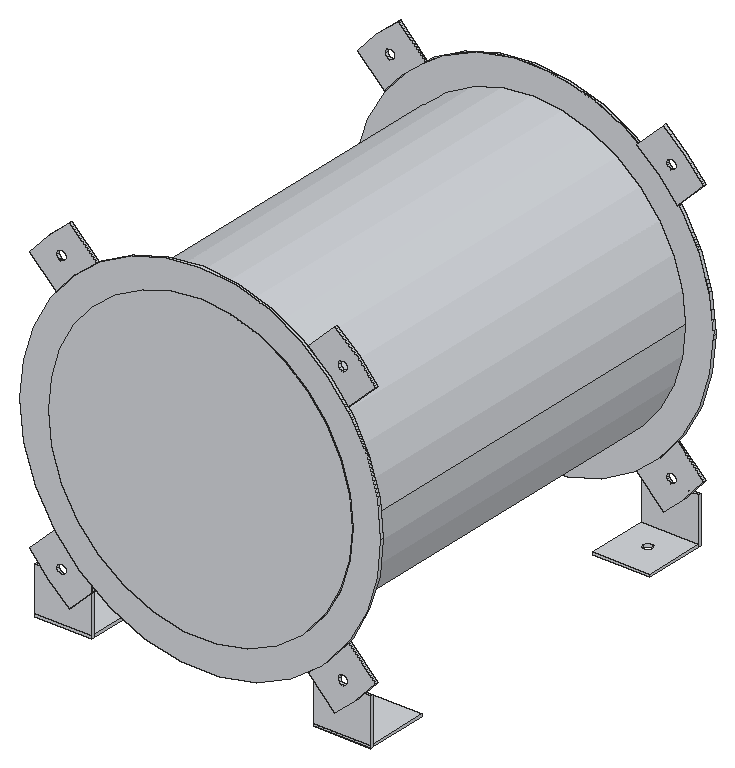
Revit family "TCN-D", category Mechanical Equipment, Revit 2019
Family settings
  Round Connector Dimension = Use Radius
  Part Type = Normal
  Work Plane-Based = No
  Always vertical = Yes
  Cut with Voids When Loaded = No
  Shared = No
  Room Calculation Point = No
Parameters (values of type "100-TCN-D")
  Unit Weight [instance] = ""
  Sones [instance] = ""
  SQRT((J^2)/2) = (sqrt((J ^ 2) / 2)) / 2  # 0' - 7.40252"
  SHORT = 0' - 7 1/2"
  Motor RPM [instance] = ""
  Motor Enclosure [instance] = ""
  ModelID [instance] = ""
  LwA [instance] = ""
  LONG = 0' - 10 7/8"
  J/2 = J / 2  # 0' - 10 15/32"
  G-SQ = G - (sqrt((J ^ 2) / 2) / 2)  # 0' - 2.72248"
  G+SQ = G + (sqrt((J ^ 2) / 2) / 2)  # 1' - 5.52752"
  C/3*2 = -C / 3 * 1  # -0' - 7.33333"
  B/3 = B / 3  # 0' - 5.33333"
  Accessories [instance] = ""
  45 = 45.00°  # constant formula
  135 = 135.00°  # constant formula
  -C+1.5 = -C + 0' 1 1/2"  # -1' - 8 1/2"
  (J+2")/2 = (J + 0' 2") / 2  # 0' - 11 15/32"
  J = 1' - 8 15/16"
  H/2 = H / 2  # 1' - 3 5/16"
  H = 2' - 6 5/8"
  G = 0' - 10 1/8"
  Fan RPM [instance] = ""
  F = 1' - 5 11/16"
  E/2 = E / 2  # 0' - 7 11/32"
  E-3 = E - 0' 3"  # 0' - 11 11/16"
  E+3 = E + 0' 3"  # 1' - 5 11/16"
  E = 1' - 2 11/16"
  D/2 = D / 2  # 0' - 9 1/4"
  D-3 = D - 0' 3"  # 1' - 3 1/2"
  D+3 = D + 0' 3"  # 1' - 9 1/2"
  D = 1' - 6 1/2"
  C/2 = C / 2  # 0' - 11"
  C = 1' - 10"
  Brake Hp [instance] = ""
  B/2 = B / 2  # 0' - 8"
  B-C = B - C  # -0' - 6"
  B = 1' - 4"
  A/4 = A / 4  # 0' - 4 3/4"
  A/2 = A / 2  # 0' - 9 1/2"
  A/12 = A / 12  # 0' - 1.58333"
  A = 1' - 7"
  4" = 0' - 4"  # constant formula
  2' = 2' - 0"
  2" = 0' - 2"  # constant formula
  1" = 0' - 1"  # constant formula
  0 = 0' - 0"  # constant formula
  Voltage [instance] = 0 V
  URL = "www.lorencook.com"
  Type Comments = "Tubular Centrifugal Inline Direct Drive Arr. 4"  # constant formula
  Static Pressure [instance] = 0.00 in-wg
  Power [instance] = Voltage * Motor FLA * sqrt(if(Phase = 3, 3, 1))  # 0 VA
  Phase [instance] = 0
  Number of Poles [instance] = 1
  Motor Hp [instance] = "0"
  Motor FLA [instance] = 0 A
  Model = "TCN-D"  # constant formula
  Manufacturer = "Loren Cook Company"
  CFM [instance] = 0 CFM
  1.5 = 0' - 1 1/2"  # constant formula
  1/4 = 0' - 0 1/4"  # constant formula
  ONE EIGTH = 0' - 0 1/8"  # constant formula
  -(C/2) = -(C / 2)  # -0' - 11"
  -(A/2) = -(A / 2)  # -0' - 9 1/2"
  (E-3)/2 = (E - 0' 3") / 2  # 0' - 5 27/32"
  (E+3)/2 = (E + 0' 3") / 2  # 0' - 8 27/32"
  (D-3)/2 = (D - 0' 3") / 2  # 0' - 7 3/4"
  (D+3)/2 = (D + 0' 3") / 2  # 0' - 10 3/4"
  (A/4)+(A/12) = (A / 4) + (A / 12)  # 0' - 6.33333"
Types (9): name | SQRT((J^2)/2) | SHORT | LONG | J/2 | G-SQ | G+SQ | C/3*2 | B/3 | -C+1.5 | (J+2")/2 | J | H/2 | H | G | F | E/2 | E-3 | E+3 | E | D/2 | D-3 | D+3 | D | C/2 | C | B/2 | B-C | B | A/4 | A/2 | A/12 | A | -(C/2) | -(A/2) | (E-3)/2 | (E+3)/2 | (D-3)/2 | (D+3)/2 | (A/4)+(A/12)
  (no name) | 0' - 7.40252" | 0' - 7 1/2" | 0' - 10 7/8" | 0' - 10 15/32" | 0' - 2.72248" | 1' - 5.52752" | -0' - 7.33333" | 0' - 5.33333" | -1' - 8 1/2" | 0' - 11 15/32" | 1' - 8 15/16" | 1' - 3 5/16" | 2' - 6 5/8" | 0' - 10 1/8" | 1' - 5 11/16" | 0' - 7 11/32" | 0' - 11 11/16" | 1' - 5 11/16" | 1' - 2 11/16" | 0' - 9 1/4" | 1' - 3 1/2" | 1' - 9 1/2" | 1' - 6 1/2" | 0' - 11" | 1' - 10" | 0' - 8" | -0' - 6" | 1' - 4" | 0' - 4 3/4" | 0' - 9 1/2" | 0' - 1.58333" | 1' - 7" | -0' - 11" | -0' - 9 1/2" | 0' - 5 27/32" | 0' - 8 27/32" | 0' - 7 3/4" | 0' - 10 3/4" | 0' - 6.33333"
  60-TCN-D | 0' - 7.40252" | 0' - 7 1/2" | 0' - 10 7/8" | 0' - 10 15/32" | 0' - 2.72248" | 1' - 5.52752" | -0' - 7.33333" | 0' - 5.33333" | -1' - 8 1/2" | 0' - 11 15/32" | 1' - 8 15/16" | 1' - 3 5/16" | 2' - 6 5/8" | 0' - 10 1/8" | 1' - 5 11/16" | 0' - 7 11/32" | 0' - 11 11/16" | 1' - 5 11/16" | 1' - 2 11/16" | 0' - 9 1/4" | 1' - 3 1/2" | 1' - 9 1/2" | 1' - 6 1/2" | 0' - 11" | 1' - 10" | 0' - 8" | -0' - 6" | 1' - 4" | 0' - 4 3/4" | 0' - 9 1/2" | 0' - 1.58333" | 1' - 7" | -0' - 11" | -0' - 9 1/2" | 0' - 5 27/32" | 0' - 8 27/32" | 0' - 7 3/4" | 0' - 10 3/4" | 0' - 6.33333"
  70-TCN-D | 0' - 7.40252" | 0' - 7 1/2" | 0' - 10 7/8" | 0' - 10 15/32" | 0' - 2.72248" | 1' - 5.52752" | -0' - 7.33333" | 0' - 5.33333" | -1' - 8 1/2" | 0' - 11 15/32" | 1' - 8 15/16" | 1' - 3 5/16" | 2' - 6 5/8" | 0' - 10 1/8" | 1' - 5 11/16" | 0' - 7 11/32" | 0' - 11 11/16" | 1' - 5 11/16" | 1' - 2 11/16" | 0' - 9 1/4" | 1' - 3 1/2" | 1' - 9 1/2" | 1' - 6 1/2" | 0' - 11" | 1' - 10" | 0' - 8" | -0' - 6" | 1' - 4" | 0' - 4 3/4" | 0' - 9 1/2" | 0' - 1.58333" | 1' - 7" | -0' - 11" | -0' - 9 1/2" | 0' - 5 27/32" | 0' - 8 27/32" | 0' - 7 3/4" | 0' - 10 3/4" | 0' - 6.33333"
  80-TCN-D | 0' - 7.40252" | 0' - 7 1/2" | 0' - 10 7/8" | 0' - 10 15/32" | 0' - 2.72248" | 1' - 5.52752" | -0' - 7.33333" | 0' - 5.33333" | -1' - 8 1/2" | 0' - 11 15/32" | 1' - 8 15/16" | 1' - 3 5/16" | 2' - 6 5/8" | 0' - 10 1/8" | 1' - 5 11/16" | 0' - 7 11/32" | 0' - 11 11/16" | 1' - 5 11/16" | 1' - 2 11/16" | 0' - 9 1/4" | 1' - 3 1/2" | 1' - 9 1/2" | 1' - 6 1/2" | 0' - 11" | 1' - 10" | 0' - 8" | -0' - 6" | 1' - 4" | 0' - 4 3/4" | 0' - 9 1/2" | 0' - 1.58333" | 1' - 7" | -0' - 11" | -0' - 9 1/2" | 0' - 5 27/32" | 0' - 8 27/32" | 0' - 7 3/4" | 0' - 10 3/4" | 0' - 6.33333"
  100-TCN-D | 0' - 7.40252" | 0' - 7 1/2" | 0' - 10 7/8" | 0' - 10 15/32" | 0' - 2.72248" | 1' - 5.52752" | -0' - 7.33333" | 0' - 5.33333" | -1' - 8 1/2" | 0' - 11 15/32" | 1' - 8 15/16" | 1' - 3 5/16" | 2' - 6 5/8" | 0' - 10 1/8" | 1' - 5 11/16" | 0' - 7 11/32" | 0' - 11 11/16" | 1' - 5 11/16" | 1' - 2 11/16" | 0' - 9 1/4" | 1' - 3 1/2" | 1' - 9 1/2" | 1' - 6 1/2" | 0' - 11" | 1' - 10" | 0' - 8" | -0' - 6" | 1' - 4" | 0' - 4 3/4" | 0' - 9 1/2" | 0' - 1.58333" | 1' - 7" | -0' - 11" | -0' - 9 1/2" | 0' - 5 27/32" | 0' - 8 27/32" | 0' - 7 3/4" | 0' - 10 3/4" | 0' - 6.33333"
  120-TCN-D | 0' - 8.10963" | 0' - 8" | 0' - 11 3/8" | 0' - 11 15/32" | 0' - 2.76537" | 1' - 6.98463" | -0' - 7.66667" | 0' - 6" | -1' - 9 1/2" | 1' - 0 15/32" | 1' - 10 15/16" | 1' - 4 3/32" | 2' - 8 3/16" | 0' - 10 7/8" | 1' - 7 1/8" | 0' - 8 1/16" | 1' - 1 1/8" | 1' - 7 1/8" | 1' - 4 1/8" | 0' - 9 3/4" | 1' - 4 1/2" | 1' - 10 1/2" | 1' - 7 1/2" | 0' - 11 1/2" | 1' - 11" | 0' - 9" | -0' - 5" | 1' - 6" | 0' - 5 1/4" | 0' - 10 1/2" | 0' - 1 3/4" | 1' - 9" | -0' - 11 1/2" | -0' - 10 1/2" | 0' - 6 9/16" | 0' - 9 9/16" | 0' - 8 1/4" | 0' - 11 1/4" | 0' - 7"
  135-TCN-D | 0' - 9.19239" | 0' - 7 3/4" | 1' - 0 1/8" | 1' - 1" | 0' - 4.18261" | 1' - 10.56739" | -0' - 8.16667" | 0' - 7" | -1' - 11" | 1' - 2" | 2' - 2" | 1' - 6 3/8" | 3' - 0 3/4" | 1' - 1 3/8" | 1' - 9 1/4" | 0' - 9 1/8" | 1' - 3 1/4" | 1' - 9 1/4" | 1' - 6 1/4" | 0' - 10" | 1' - 5" | 1' - 11" | 1' - 8" | 1' - 0 1/4" | 2' - 0 1/2" | 0' - 10 1/2" | -0' - 3 1/2" | 1' - 9" | 0' - 6" | 1' - 0" | 0' - 2" | 2' - 0" | -1' - 0 1/4" | -1' - 0" | 0' - 7 5/8" | 0' - 10 5/8" | 0' - 8 1/2" | 0' - 11 1/2" | 0' - 8"
  150-TCN-D | 0' - 10.25305" | 0' - 8 7/8" | 1' - 1 1/2" | 1' - 2 1/2" | 0' - 4.24695" | 2' - 0.75305" | -0' - 9.08333" | 0' - 8" | -2' - 1 3/4" | 1' - 3 1/2" | 2' - 5" | 1' - 9 5/8" | 3' - 7 1/4" | 1' - 2 1/2" | 1' - 11 3/8" | 0' - 10 3/16" | 1' - 5 3/8" | 1' - 11 3/8" | 1' - 8 3/8" | 0' - 11 1/4" | 1' - 7 1/2" | 2' - 1 1/2" | 1' - 10 1/2" | 1' - 1 5/8" | 2' - 3 1/4" | 1' - 0" | -0' - 3 1/4" | 2' - 0" | 0' - 6 3/4" | 1' - 1 1/2" | 0' - 2 1/4" | 2' - 3" | -1' - 1 5/8" | -1' - 1 1/2" | 0' - 8 11/16" | 0' - 11 11/16" | 0' - 9 3/4" | 1' - 0 3/4" | 0' - 9"
  165-TCN-D | 0' - 11.44629" | 0' - 8 5/8" | 1' - 2 1/4" | 1' - 4 3/16" | 0' - 4.30371" | 2' - 3.19629" | -0' - 9.58333" | 0' - 8.66667" | -2' - 3 1/4" | 1' - 5 3/16" | 2' - 8 3/8" | 1' - 10 7/8" | 3' - 9 3/4" | 1' - 3 3/4" | 2' - 2 7/8" | 0' - 11 3/8" | 1' - 7 3/4" | 2' - 1 3/4" | 1' - 10 3/4" | 0' - 11 1/2" | 1' - 8" | 2' - 2" | 1' - 11" | 1' - 2 3/8" | 2' - 4 3/4" | 1' - 1" | -0' - 2 3/4" | 2' - 2" | 0' - 7 1/4" | 1' - 2 1/2" | 0' - 2.41667" | 2' - 5" | -1' - 2 3/8" | -1' - 2 1/2" | 0' - 9 7/8" | 1' - 0 7/8" | 0' - 10" | 1' - 1" | 0' - 9.66667"
Reference planes (in)
  plane 1 "Center (Front/Back)": y = 0
  plane 2: z = 0
  plane 3 "Center (Left/Right)": x = 0.40541
Forms (in)
  Extrusion 1, solid
    sketch origin (0, 0, 0) x (1, 0, 0) y (0, 0, 1)
      loop
        circle (0.40541, 10.125) r 8
    from -11 <- "-(C/2)" to 11 <- "C/2"
  Extrusion 2, solid
    sketch origin (0, -11, 0) x (1, 0, 0) y (0, 0, 1)
      loop
        circle (0.40541, 10.125) r 9.5
    from 0 to -0.125
  Extrusion 3, solid
    sketch origin (0, 11, 0) x (-1, 0, 0) y (0, 0, 1)
      loop
        circle (-0.40541, 10.125) r 9.5
    from 0 to -0.125
  Revolve 4, void
    sketch origin (0.40541, 0, 0) x (0, 1, 0) y (0, 0, 1)
      loop
        line (11, 10.125) -> (11, 16.45833)
        arc (11, 16.45833) -> (10.53625, 15.33875) -> (9.41667, 14.875) r 1.58333
        line (9.41667, 14.875) -> (9.41667, 10.125) -> (11, 10.125)
      axis (11, 10.125) -> (9.41667, 10.125)
    angle from 0 to 360
  Extrusion 5, solid
    sketch origin (0, 0, 0) x (1, 0, 0) y (0, 1, 0)
      loop
        line (-8.43834, 10.875) -> (-8.43834, 7.5) -> (-5.43834, 7.5) -> (-5.43834, 10.875) -> (-8.43834, 10.875)
      loop
        line (9.24916, 10.875) -> (6.24916, 10.875) -> (6.24916, 7.5) -> (9.24916, 7.5) -> (9.24916, 10.875)
      loop
        line (9.24916, -10.875) -> (9.24916, -7.5) -> (6.24916, -7.5) -> (6.24916, -10.875) -> (9.24916, -10.875)
      loop
        line (-8.43834, -10.875) -> (-5.43834, -10.875) -> (-5.43834, -7.5) -> (-8.43834, -7.5) -> (-8.43834, -10.875)
    from 0 to 0.125
  Extrusion 6, void
    sketch origin (0, 0, 0) x (1, 0, 0) y (0, 1, 0)
      loop
        circle (-6.93834, 9.25) r 0.25
      loop
        circle (7.74916, 9.25) r 0.25
      loop
        circle (7.74916, -9.25) r 0.25
      loop
        circle (-6.93834, -9.25) r 0.25
    from 0 to 0.125
  Extrusion 7, solid
    sketch origin (0, 11, 0) x (-1, 0, 0) y (0, 0, 1)
      loop
        arc (-7.38472, 19.22563) -> (-8.51504, 18.23463) -> (-9.50604, 17.10431) r 11.46875
        line (-9.50604, 17.10431) -> (-8.09932, 15.69759)
        arc (-8.09932, 15.69759) -> (-7.12293, 16.84251) -> (-5.978, 17.81891) r 9.5
        line (-5.978, 17.81891) -> (-7.38472, 19.22563)
      loop
        line (6.5739, 19.22563) -> (5.16718, 17.81891)
        arc (5.16718, 17.81891) -> (6.3121, 16.84251) -> (7.2885, 15.69759) r 9.5
        line (7.2885, 15.69759) -> (8.69522, 17.10431)
        arc (8.69522, 17.10431) -> (7.70422, 18.23463) -> (6.5739, 19.22563) r 11.46875
      loop
        arc (6.5739, 1.02437) -> (7.70422, 2.01537) -> (8.69522, 3.14569) r 11.46875
        line (8.69522, 3.14569) -> (7.2885, 4.55241)
        arc (7.2885, 4.55241) -> (6.3121, 3.40749) -> (5.16718, 2.43109) r 9.5
        line (5.16718, 2.43109) -> (6.5739, 1.02437)
      loop
        line (-7.38472, 1.02437) -> (-5.978, 2.43109)
        arc (-5.978, 2.43109) -> (-7.12293, 3.40749) -> (-8.09932, 4.55241) r 9.5
        line (-8.09932, 4.55241) -> (-9.50604, 3.14569)
        arc (-9.50604, 3.14569) -> (-8.51504, 2.01537) -> (-7.38472, 1.02437) r 11.46875
    from -0.125 to -0.25
  Extrusion 8, solid
    sketch origin (0, -11, 0) x (1, 0, 0) y (0, 0, 1)
      loop
        line (9.50604, 3.14569) -> (8.09932, 4.55241)
        arc (8.09932, 4.55241) -> (7.12293, 3.40749) -> (5.978, 2.43109) r 9.5
        line (5.978, 2.43109) -> (7.38472, 1.02437)
        arc (7.38472, 1.02437) -> (8.51504, 2.01537) -> (9.50604, 3.14569) r 11.46875
      loop
        line (7.38472, 19.22563) -> (5.978, 17.81891)
        arc (5.978, 17.81891) -> (7.12293, 16.84251) -> (8.09932, 15.69759) r 9.5
        line (8.09932, 15.69759) -> (9.50604, 17.10431)
        arc (9.50604, 17.10431) -> (8.51504, 18.23463) -> (7.38472, 19.22563) r 11.46875
      loop
        arc (-8.69522, 3.14569) -> (-7.70422, 2.01537) -> (-6.5739, 1.02437) r 11.46875
        line (-6.5739, 1.02437) -> (-5.16718, 2.43109)
        arc (-5.16718, 2.43109) -> (-6.3121, 3.40749) -> (-7.2885, 4.55241) r 9.5
        line (-7.2885, 4.55241) -> (-8.69522, 3.14569)
      loop
        arc (-6.5739, 19.22563) -> (-7.70422, 18.23463) -> (-8.69522, 17.10431) r 11.46875
        line (-8.69522, 17.10431) -> (-7.2885, 15.69759)
        arc (-7.2885, 15.69759) -> (-6.3121, 16.84251) -> (-5.16718, 17.81891) r 9.5
        line (-5.16718, 17.81891) -> (-6.5739, 19.22563)
    from -0.125 to -0.25
  Extrusion 9, solid
    sketch origin (0, -10.875, 0) x (1, 0, 0) y (0, 0, 1)
      loop
        line (6.24916, 0) -> (9.24916, 0) -> (9.24916, 2.47248) -> (6.24916, 2.47248) -> (6.24916, 0)
      loop
        line (-5.43834, 0) -> (-5.43834, 2.47248) -> (-8.43834, 2.47248) -> (-8.43834, 0) -> (-5.43834, 0)
    from 0 to -0.125
  Extrusion 10, solid
    sketch origin (0, 10.875, 0) x (-1, 0, 0) y (0, 0, 1)
      loop
        line (-9.24916, 2.47248) -> (-9.24916, 0) -> (-6.24916, 0) -> (-6.24916, 2.47248) -> (-9.24916, 2.47248)
      loop
        line (5.43834, 2.47248) -> (5.43834, 0) -> (8.43834, 0) -> (8.43834, 2.47248) -> (5.43834, 2.47248)
    from 0 to -0.125
  Extrusion 11, void
    sketch origin (0, 0, 0) x (1, 0, 0) y (0, 0, 1)
      loop
        circle (-6.99711, 17.52752) r 0.25
      loop
        circle (-6.99711, 2.72248) r 0.25
      loop
        circle (7.80794, 2.72248) r 0.25
      loop
        circle (7.80794, 17.52752) r 0.25
    from 11 <- "C/2" to -11 <- "-(C/2)"
Cuts and joins
  Revolve 4, Extrusion 11 cuts Extrusion 1
  Revolve 4, Extrusion 11 cuts Extrusion 3
  Extrusion 6 cuts Extrusion 5
  Extrusion 11 cuts Extrusion 2
  Extrusion 11 cuts Extrusion 7
  Extrusion 11 cuts Extrusion 8
Dimensions and locks (in)
  "G": Extrusion 1 sketch curve to level
  "G": Extrusion 2 sketch curve to level
  "G": level to Extrusion 3 sketch curve
  "A/4": Revolve 4 sketch curve to Revolve 4 sketch curve
  "(A/4)+(A/12)": Revolve 4 sketch curve to Revolve 4 sketch curve
  "A/12": Extrusion 3 to Revolve 4 sketch curve
  "G": level to Revolve 4 sketch curve  (x2)
  Extrusion 3 to Revolve 4 sketch curve = 0' - 0"
  "SHORT": plane 1 "Center (Front/Back)" to Extrusion 5 sketch curve  (x3)
  "LONG": plane 1 "Center (Front/Back)" to Extrusion 5 sketch curve  (x2)
  "(E-3)/2": Extrusion 5 sketch curve to plane 3 "Center (Left/Right)"  (x2)
  "(E+3)/2": Extrusion 5 sketch curve to plane 3 "Center (Left/Right)"  (x2)
  "SHORT": Extrusion 5 sketch curve to plane 1 "Center (Front/Back)"
  "LONG": Extrusion 5 sketch curve to plane 1 "Center (Front/Back)"  (x2)
  "(E-3)/2": plane 3 "Center (Left/Right)" to Extrusion 5 sketch curve  (x2)
  "(E+3)/2": plane 3 "Center (Left/Right)" to Extrusion 5 sketch curve  (x2)
  "E/2": Extrusion 6 sketch curve to plane 3 "Center (Left/Right)"  (x2)
  "E/2": plane 3 "Center (Left/Right)" to Extrusion 6 sketch curve  (x2)
  "D/2": Extrusion 6 sketch curve to plane 1 "Center (Front/Back)"  (x2)
  "D/2": plane 1 "Center (Front/Back)" to Extrusion 6 sketch curve  (x2)
  "0": Extrusion 7 sketch curve to plane 3 "Center (Left/Right)"  (x8)
  "G": level to Extrusion 7 sketch curve  (x8)
  "1.5": Extrusion 7 sketch curve to Extrusion 7 sketch curve  (x8)
  "G": Extrusion 8 sketch curve to level  (x2)
  "0": Extrusion 8 sketch curve to plane 3 "Center (Left/Right)"  (x2)
  "1.5": Extrusion 8 sketch curve to Extrusion 8 sketch curve  (x8)
  "0": cut or joined group of Extrusion 5, Extrusion 6 to Extrusion 9 sketch curve  (x3)
  "0": Extrusion 9 sketch curve to cut or joined group of Extrusion 5, Extrusion 6
  "0": Extrusion 9 sketch curve to level  (x2)
  "0": Extrusion 9 to Extrusion 10 sketch curve  (x4)
  "0": level to Extrusion 10 sketch curve  (x2)
  "0": Extrusion 10 sketch curve to Extrusion 9  (x2)
  "0": Extrusion 9 sketch curve to Extrusion 9 sketch curve
  "SQRT((J^2)/2)": plane 3 "Center (Left/Right)" to Extrusion 11 sketch curve  (x2)
  "SQRT((J^2)/2)": Extrusion 11 sketch curve to plane 3 "Center (Left/Right)"  (x2)
  "G+SQ": Extrusion 11 sketch curve to level  (x2)
  "G-SQ": Extrusion 11 sketch curve to level  (x2)
  "0": Extrusion 9 sketch curve to cut or joined group of Extrusion 8, Extrusion 11
  "B/2": radius of Extrusion 1 sketch curve
  "A/2": radius of Extrusion 2 sketch curve
  "A/2": radius of Extrusion 3 sketch curve
  "1/4": radius of Extrusion 6 sketch curve  (x4)
  "(J+2")/2": radius of Extrusion 7 sketch curve  (x4)
  "A/2": radius of Extrusion 7 sketch curve  (x4)
  "A/2": radius of Extrusion 8 sketch curve
  "(J+2")/2": radius of Extrusion 8 sketch curve  (x4)
  "1/4": radius of Extrusion 11 sketch curve  (x4)
  "45": angle plane 3 "Center (Left/Right)" to Extrusion 7 sketch curve  (x6)
  "45": angle Extrusion 8 sketch curve to plane 3 "Center (Left/Right)"  (x4)
  "45": angle plane 3 "Center (Left/Right)" to Extrusion 8 sketch curve  (x4)
  "45": angle Extrusion 7 sketch curve to plane 3 "Center (Left/Right)"  (x2)
Automatic sketch dimensions
  Extrusion 1 sketch curve to plane 3 "Center (Left/Right)" = 0' - 0"
  Revolve 4 sketch curve to plane 1 "Center (Front/Back)" = 0' - 3.41667"
  Revolve 4 sketch curve to Revolve 4 sketch curve = 0' - 0"  (x2)
  Extrusion 8 sketch curve to Extrusion 8 sketch curve = 0' - 0"  (x6)
  radius of Extrusion 8 sketch curve to Extrusion 2 = 0' - 0"  (x3)
Connectors (in)
  hvac at (0.40541, -11, 10.125), driven by "B/2"
    settings: on cut or joined group of Extrusion 1, Revolve 4, Extrusion 11, index 1, duct flow 0 CFM, flow factor 0, pres drop 0.00 in-wg, loss coef 0, conn angle 0.00°, conn width 12", conn height 12", conn diameter 16", duct sys type 29, conn prof type 0, flow config 0, flow direction 1, loss method 0, conn ref index -1, conn util no, is conn primary yes, conn desc ""
  hvac at (0.40541, 11, 10.125), driven by "B/2"
    settings: on cut or joined group of Extrusion 1, Revolve 4, Extrusion 11, index 2, duct flow 0 CFM, flow factor 0, pres drop 0.00 in-wg, loss coef 0, conn angle 0.00°, conn width 12", conn height 12", conn diameter 16", duct sys type 29, conn prof type 0, flow config 0, flow direction 2, loss method 0, conn ref index -1, conn util no, is conn primary no, conn desc ""
  electrical at (0.40541, -10.875, 10.125)
    settings: on cut or joined group of Extrusion 2, Extrusion 11, index 3, voltage 0 V, apparent load 0 VA, apparent load phase1 0 VA, apparent load phase2 0 VA, apparent load phase3 0 VA, power factor 1, load classification "Other", number of poles 1, system type 30, power factor state 1, is connector primary yes, connector utility no, sub classification motor no, connector description ""
